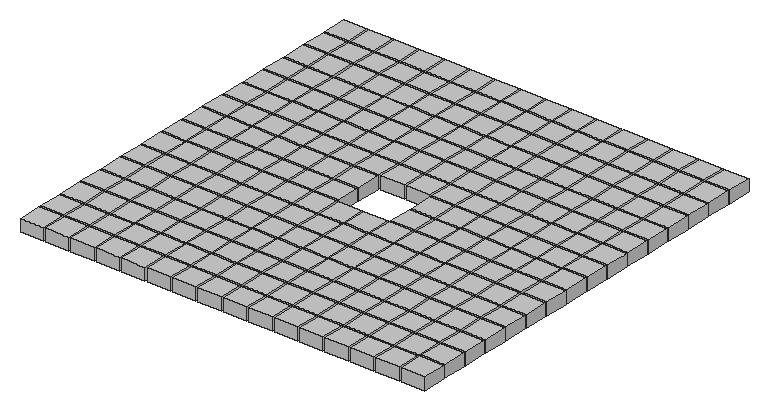
Revit family "Alcorque Ecológico", category Furniture, Revit 2020 (continued)
Forms (m)
  Extrusion 585, solid, material "ReBnew plástico", visible <- "A51", not visible
    sketch origin (2.85, -0.5, 0) x (1, 0, 0) y (0, 1, 0)
      loop
        line (-0.495, 0.495) -> (-0.495, 0.38) -> (-0.38, 0.38) -> (-0.38, 0.495) -> (-0.495, 0.495)
    from 0 to 0.06
  Extrusion 586, solid, material "ReBnew plástico", visible <- "A51", not visible
    sketch origin (2.975, -0.5, 0) x (1, 0, 0) y (0, 1, 0)
      loop
        line (-0.495, 0.495) -> (-0.495, 0.38) -> (-0.38, 0.38) -> (-0.38, 0.495) -> (-0.495, 0.495)
    from 0 to 0.06
  Extrusion 587, solid, material "ReBnew plástico", visible <- "A51", not visible
    sketch origin (2.6, -0.625, 0) x (1, 0, 0) y (0, 1, 0)
      loop
        line (-0.495, 0.495) -> (-0.495, 0.38) -> (-0.38, 0.38) -> (-0.38, 0.495) -> (-0.495, 0.495)
    from 0 to 0.06
  Extrusion 588, solid, material "ReBnew plástico", visible <- "A51", not visible
    sketch origin (2.725, -0.625, 0) x (1, 0, 0) y (0, 1, 0)
      loop
        line (-0.495, 0.495) -> (-0.495, 0.38) -> (-0.38, 0.38) -> (-0.38, 0.495) -> (-0.495, 0.495)
    from 0 to 0.06
  Extrusion 589, solid, material "ReBnew plástico", visible <- "A51", not visible
    sketch origin (2.85, -0.625, 0) x (1, 0, 0) y (0, 1, 0)
      loop
        line (-0.495, 0.495) -> (-0.495, 0.38) -> (-0.38, 0.38) -> (-0.38, 0.495) -> (-0.495, 0.495)
    from 0 to 0.06
  Extrusion 590, solid, material "ReBnew plástico", visible <- "A51", not visible
    sketch origin (2.975, -0.625, 0) x (1, 0, 0) y (0, 1, 0)
      loop
        line (-0.495, 0.495) -> (-0.495, 0.38) -> (-0.38, 0.38) -> (-0.38, 0.495) -> (-0.495, 0.495)
    from 0 to 0.06
  Extrusion 591, solid, material "ReBnew plástico", visible <- "A51", not visible
    sketch origin (2.6, -0.75, 0) x (1, 0, 0) y (0, 1, 0)
      loop
        line (-0.495, 0.495) -> (-0.495, 0.38) -> (-0.38, 0.38) -> (-0.38, 0.495) -> (-0.495, 0.495)
    from 0 to 0.06
  Extrusion 592, solid, material "ReBnew plástico", visible <- "A51", not visible
    sketch origin (2.725, -0.75, 0) x (1, 0, 0) y (0, 1, 0)
      loop
        line (-0.495, 0.495) -> (-0.495, 0.38) -> (-0.38, 0.38) -> (-0.38, 0.495) -> (-0.495, 0.495)
    from 0 to 0.06
  Extrusion 593, solid, material "ReBnew plástico", visible <- "A51", not visible
    sketch origin (2.85, -0.75, 0) x (1, 0, 0) y (0, 1, 0)
      loop
        line (-0.495, 0.495) -> (-0.495, 0.38) -> (-0.38, 0.38) -> (-0.38, 0.495) -> (-0.495, 0.495)
    from 0 to 0.06
  Extrusion 594, solid, material "ReBnew plástico", visible <- "A51", not visible
    sketch origin (2.975, -0.75, 0) x (1, 0, 0) y (0, 1, 0)
      loop
        line (-0.495, 0.495) -> (-0.495, 0.38) -> (-0.38, 0.38) -> (-0.38, 0.495) -> (-0.495, 0.495)
    from 0 to 0.06
  Extrusion 595, solid, material "ReBnew plástico", visible <- "A51", not visible
    sketch origin (2.6, -0.875, 0) x (1, 0, 0) y (0, 1, 0)
      loop
        line (-0.495, 0.495) -> (-0.495, 0.38) -> (-0.38, 0.38) -> (-0.38, 0.495) -> (-0.495, 0.495)
    from 0 to 0.06
  Extrusion 596, solid, material "ReBnew plástico", visible <- "A51", not visible
    sketch origin (2.725, -0.875, 0) x (1, 0, 0) y (0, 1, 0)
      loop
        line (-0.495, 0.495) -> (-0.495, 0.38) -> (-0.38, 0.38) -> (-0.38, 0.495) -> (-0.495, 0.495)
    from 0 to 0.06
  Extrusion 597, solid, material "ReBnew plástico", visible <- "A51", not visible
    sketch origin (2.85, -0.875, 0) x (1, 0, 0) y (0, 1, 0)
      loop
        line (-0.495, 0.495) -> (-0.495, 0.38) -> (-0.38, 0.38) -> (-0.38, 0.495) -> (-0.495, 0.495)
    from 0 to 0.06
  Extrusion 598, solid, material "ReBnew plástico", visible <- "A51", not visible
    sketch origin (2.975, -0.875, 0) x (1, 0, 0) y (0, 1, 0)
      loop
        line (-0.495, 0.495) -> (-0.495, 0.38) -> (-0.38, 0.38) -> (-0.38, 0.495) -> (-0.495, 0.495)
    from 0 to 0.06
  Extrusion 599, solid, material "ReBnew plástico", visible <- "A51", not visible
    sketch origin (1.975, -0.375, 0) x (1, 0, 0) y (0, 1, 0)
      loop
        line (-0.495, 0.495) -> (-0.495, 0.38) -> (-0.38, 0.38) -> (-0.38, 0.495) -> (-0.495, 0.495)
    from 0 to 0.06
  Extrusion 600, solid, material "ReBnew plástico", visible <- "A51", not visible
    sketch origin (2.1, -0.375, 0) x (1, 0, 0) y (0, 1, 0)
      loop
        line (-0.495, 0.495) -> (-0.495, 0.38) -> (-0.38, 0.38) -> (-0.38, 0.495) -> (-0.495, 0.495)
    from 0 to 0.06
  Extrusion 601, solid, material "ReBnew plástico", visible <- "A51", not visible
    sketch origin (1.975, -0.5, 0) x (1, 0, 0) y (0, 1, 0)
      loop
        line (-0.495, 0.495) -> (-0.495, 0.38) -> (-0.38, 0.38) -> (-0.38, 0.495) -> (-0.495, 0.495)
    from 0 to 0.06
  Extrusion 602, solid, material "ReBnew plástico", visible <- "A51", not visible
    sketch origin (2.1, -0.5, 0) x (1, 0, 0) y (0, 1, 0)
      loop
        line (-0.495, 0.495) -> (-0.495, 0.38) -> (-0.38, 0.38) -> (-0.38, 0.495) -> (-0.495, 0.495)
    from 0 to 0.06
  Extrusion 603, solid, material "ReBnew plástico", visible <- "A51", not visible
    sketch origin (2.6, -0.375, 0) x (1, 0, 0) y (0, 1, 0)
      loop
        line (-0.495, 0.495) -> (-0.495, 0.38) -> (-0.38, 0.38) -> (-0.38, 0.495) -> (-0.495, 0.495)
    from 0 to 0.06
  Extrusion 604, solid, material "ReBnew plástico", visible <- "A51", not visible
    sketch origin (2.6, -0.5, 0) x (1, 0, 0) y (0, 1, 0)
      loop
        line (-0.495, 0.495) -> (-0.495, 0.38) -> (-0.38, 0.38) -> (-0.38, 0.495) -> (-0.495, 0.495)
    from 0 to 0.06
  Extrusion 605, solid, material "ReBnew plástico", visible <- "A51", not visible
    sketch origin (1.6, -1, 0) x (1, 0, 0) y (0, 1, 0)
      loop
        line (-0.495, 0.495) -> (-0.495, 0.38) -> (-0.38, 0.38) -> (-0.38, 0.495) -> (-0.495, 0.495)
    from 0 to 0.06
  Extrusion 606, solid, material "ReBnew plástico", visible <- "A51", not visible
    sketch origin (1.725, -1, 0) x (1, 0, 0) y (0, 1, 0)
      loop
        line (-0.495, 0.495) -> (-0.495, 0.38) -> (-0.38, 0.38) -> (-0.38, 0.495) -> (-0.495, 0.495)
    from 0 to 0.06
  Extrusion 607, solid, material "ReBnew plástico", visible <- "A51", not visible
    sketch origin (1.85, -1, 0) x (1, 0, 0) y (0, 1, 0)
      loop
        line (-0.495, 0.495) -> (-0.495, 0.38) -> (-0.38, 0.38) -> (-0.38, 0.495) -> (-0.495, 0.495)
    from 0 to 0.06
  Extrusion 608, solid, material "ReBnew plástico", visible <- "A51", not visible
    sketch origin (2.225, -1, 0) x (1, 0, 0) y (0, 1, 0)
      loop
        line (-0.495, 0.495) -> (-0.495, 0.38) -> (-0.38, 0.38) -> (-0.38, 0.495) -> (-0.495, 0.495)
    from 0 to 0.06
  Extrusion 609, solid, material "ReBnew plástico", visible <- "A51", not visible
    sketch origin (2.35, -1, 0) x (1, 0, 0) y (0, 1, 0)
      loop
        line (-0.495, 0.495) -> (-0.495, 0.38) -> (-0.38, 0.38) -> (-0.38, 0.495) -> (-0.495, 0.495)
    from 0 to 0.06
  Extrusion 610, solid, material "ReBnew plástico", visible <- "A51", not visible
    sketch origin (2.475, -1, 0) x (1, 0, 0) y (0, 1, 0)
      loop
        line (-0.495, 0.495) -> (-0.495, 0.38) -> (-0.38, 0.38) -> (-0.38, 0.495) -> (-0.495, 0.495)
    from 0 to 0.06
  Extrusion 611, solid, material "ReBnew plástico", visible <- "A51", not visible
    sketch origin (1.6, -1.125, 0) x (1, 0, 0) y (0, 1, 0)
      loop
        line (-0.495, 0.495) -> (-0.495, 0.38) -> (-0.38, 0.38) -> (-0.38, 0.495) -> (-0.495, 0.495)
    from 0 to 0.06
  Extrusion 612, solid, material "ReBnew plástico", visible <- "A51", not visible
    sketch origin (1.725, -1.125, 0) x (1, 0, 0) y (0, 1, 0)
      loop
        line (-0.495, 0.495) -> (-0.495, 0.38) -> (-0.38, 0.38) -> (-0.38, 0.495) -> (-0.495, 0.495)
    from 0 to 0.06
  Extrusion 613, solid, material "ReBnew plástico", visible <- "A51", not visible
    sketch origin (1.85, -1.125, 0) x (1, 0, 0) y (0, 1, 0)
      loop
        line (-0.495, 0.495) -> (-0.495, 0.38) -> (-0.38, 0.38) -> (-0.38, 0.495) -> (-0.495, 0.495)
    from 0 to 0.06
  Extrusion 614, solid, material "ReBnew plástico", visible <- "A51", not visible
    sketch origin (1.975, -1.125, 0) x (1, 0, 0) y (0, 1, 0)
      loop
        line (-0.495, 0.495) -> (-0.495, 0.38) -> (-0.38, 0.38) -> (-0.38, 0.495) -> (-0.495, 0.495)
    from 0 to 0.06
  Extrusion 615, solid, material "ReBnew plástico", visible <- "A51", not visible
    sketch origin (2.1, -1.125, 0) x (1, 0, 0) y (0, 1, 0)
      loop
        line (-0.495, 0.495) -> (-0.495, 0.38) -> (-0.38, 0.38) -> (-0.38, 0.495) -> (-0.495, 0.495)
    from 0 to 0.06
  Extrusion 616, solid, material "ReBnew plástico", visible <- "A51", not visible
    sketch origin (2.225, -1.125, 0) x (1, 0, 0) y (0, 1, 0)
      loop
        line (-0.495, 0.495) -> (-0.495, 0.38) -> (-0.38, 0.38) -> (-0.38, 0.495) -> (-0.495, 0.495)
    from 0 to 0.06
  Extrusion 617, solid, material "ReBnew plástico", visible <- "A51", not visible
    sketch origin (2.35, -1.125, 0) x (1, 0, 0) y (0, 1, 0)
      loop
        line (-0.495, 0.495) -> (-0.495, 0.38) -> (-0.38, 0.38) -> (-0.38, 0.495) -> (-0.495, 0.495)
    from 0 to 0.06
  Extrusion 618, solid, material "ReBnew plástico", visible <- "A51", not visible
    sketch origin (2.475, -1.125, 0) x (1, 0, 0) y (0, 1, 0)
      loop
        line (-0.495, 0.495) -> (-0.495, 0.38) -> (-0.38, 0.38) -> (-0.38, 0.495) -> (-0.495, 0.495)
    from 0 to 0.06
  Extrusion 619, solid, material "ReBnew plástico", visible <- "A51", not visible
    sketch origin (1.6, -1.25, 0) x (1, 0, 0) y (0, 1, 0)
      loop
        line (-0.495, 0.495) -> (-0.495, 0.38) -> (-0.38, 0.38) -> (-0.38, 0.495) -> (-0.495, 0.495)
    from 0 to 0.06
  Extrusion 620, solid, material "ReBnew plástico", visible <- "A51", not visible
    sketch origin (1.725, -1.25, 0) x (1, 0, 0) y (0, 1, 0)
      loop
        line (-0.495, 0.495) -> (-0.495, 0.38) -> (-0.38, 0.38) -> (-0.38, 0.495) -> (-0.495, 0.495)
    from 0 to 0.06
  Extrusion 621, solid, material "ReBnew plástico", visible <- "A51", not visible
    sketch origin (1.85, -1.25, 0) x (1, 0, 0) y (0, 1, 0)
      loop
        line (-0.495, 0.495) -> (-0.495, 0.38) -> (-0.38, 0.38) -> (-0.38, 0.495) -> (-0.495, 0.495)
    from 0 to 0.06
  Extrusion 622, solid, material "ReBnew plástico", visible <- "A51", not visible
    sketch origin (1.975, -1.25, 0) x (1, 0, 0) y (0, 1, 0)
      loop
        line (-0.495, 0.495) -> (-0.495, 0.38) -> (-0.38, 0.38) -> (-0.38, 0.495) -> (-0.495, 0.495)
    from 0 to 0.06
  Extrusion 623, solid, material "ReBnew plástico", visible <- "A51", not visible
    sketch origin (2.1, -1.25, 0) x (1, 0, 0) y (0, 1, 0)
      loop
        line (-0.495, 0.495) -> (-0.495, 0.38) -> (-0.38, 0.38) -> (-0.38, 0.495) -> (-0.495, 0.495)
    from 0 to 0.06
  Extrusion 624, solid, material "ReBnew plástico", visible <- "A51", not visible
    sketch origin (2.225, -1.25, 0) x (1, 0, 0) y (0, 1, 0)
      loop
        line (-0.495, 0.495) -> (-0.495, 0.38) -> (-0.38, 0.38) -> (-0.38, 0.495) -> (-0.495, 0.495)
    from 0 to 0.06
  Extrusion 625, solid, material "ReBnew plástico", visible <- "A51", not visible
    sketch origin (2.35, -1.25, 0) x (1, 0, 0) y (0, 1, 0)
      loop
        line (-0.495, 0.495) -> (-0.495, 0.38) -> (-0.38, 0.38) -> (-0.38, 0.495) -> (-0.495, 0.495)
    from 0 to 0.06
  Extrusion 626, solid, material "ReBnew plástico", visible <- "A51", not visible
    sketch origin (2.475, -1.25, 0) x (1, 0, 0) y (0, 1, 0)
      loop
        line (-0.495, 0.495) -> (-0.495, 0.38) -> (-0.38, 0.38) -> (-0.38, 0.495) -> (-0.495, 0.495)
    from 0 to 0.06
  Extrusion 627, solid, material "ReBnew plástico", visible <- "A51", not visible
    sketch origin (1.6, -1.375, 0) x (1, 0, 0) y (0, 1, 0)
      loop
        line (-0.495, 0.495) -> (-0.495, 0.38) -> (-0.38, 0.38) -> (-0.38, 0.495) -> (-0.495, 0.495)
    from 0 to 0.06
  Extrusion 628, solid, material "ReBnew plástico", visible <- "A51", not visible
    sketch origin (1.725, -1.375, 0) x (1, 0, 0) y (0, 1, 0)
      loop
        line (-0.495, 0.495) -> (-0.495, 0.38) -> (-0.38, 0.38) -> (-0.38, 0.495) -> (-0.495, 0.495)
    from 0 to 0.06
  Extrusion 629, solid, material "ReBnew plástico", visible <- "A51", not visible
    sketch origin (1.85, -1.375, 0) x (1, 0, 0) y (0, 1, 0)
      loop
        line (-0.495, 0.495) -> (-0.495, 0.38) -> (-0.38, 0.38) -> (-0.38, 0.495) -> (-0.495, 0.495)
    from 0 to 0.06
  Extrusion 630, solid, material "ReBnew plástico", visible <- "A51", not visible
    sketch origin (1.975, -1.375, 0) x (1, 0, 0) y (0, 1, 0)
      loop
        line (-0.495, 0.495) -> (-0.495, 0.38) -> (-0.38, 0.38) -> (-0.38, 0.495) -> (-0.495, 0.495)
    from 0 to 0.06
  Extrusion 631, solid, material "ReBnew plástico", visible <- "A51", not visible
    sketch origin (2.1, -1.375, 0) x (1, 0, 0) y (0, 1, 0)
      loop
        line (-0.495, 0.495) -> (-0.495, 0.38) -> (-0.38, 0.38) -> (-0.38, 0.495) -> (-0.495, 0.495)
    from 0 to 0.06
  Extrusion 632, solid, material "ReBnew plástico", visible <- "A51", not visible
    sketch origin (2.225, -1.375, 0) x (1, 0, 0) y (0, 1, 0)
      loop
        line (-0.495, 0.495) -> (-0.495, 0.38) -> (-0.38, 0.38) -> (-0.38, 0.495) -> (-0.495, 0.495)
    from 0 to 0.06
  Extrusion 633, solid, material "ReBnew plástico", visible <- "A51", not visible
    sketch origin (2.35, -1.375, 0) x (1, 0, 0) y (0, 1, 0)
      loop
        line (-0.495, 0.495) -> (-0.495, 0.38) -> (-0.38, 0.38) -> (-0.38, 0.495) -> (-0.495, 0.495)
    from 0 to 0.06
  Extrusion 634, solid, material "ReBnew plástico", visible <- "A51", not visible
    sketch origin (2.475, -1.375, 0) x (1, 0, 0) y (0, 1, 0)
      loop
        line (-0.495, 0.495) -> (-0.495, 0.38) -> (-0.38, 0.38) -> (-0.38, 0.495) -> (-0.495, 0.495)
    from 0 to 0.06
  Extrusion 635, solid, material "ReBnew plástico", visible <- "A51", not visible
    sketch origin (2.725, -1, 0) x (1, 0, 0) y (0, 1, 0)
      loop
        line (-0.495, 0.495) -> (-0.495, 0.38) -> (-0.38, 0.38) -> (-0.38, 0.495) -> (-0.495, 0.495)
    from 0 to 0.06
  Extrusion 636, solid, material "ReBnew plástico", visible <- "A51", not visible
    sketch origin (2.85, -1, 0) x (1, 0, 0) y (0, 1, 0)
      loop
        line (-0.495, 0.495) -> (-0.495, 0.38) -> (-0.38, 0.38) -> (-0.38, 0.495) -> (-0.495, 0.495)
    from 0 to 0.06
  Extrusion 637, solid, material "ReBnew plástico", visible <- "A51", not visible
    sketch origin (2.975, -1, 0) x (1, 0, 0) y (0, 1, 0)
      loop
        line (-0.495, 0.495) -> (-0.495, 0.38) -> (-0.38, 0.38) -> (-0.38, 0.495) -> (-0.495, 0.495)
    from 0 to 0.06
  Extrusion 638, solid, material "ReBnew plástico", visible <- "A51", not visible
    sketch origin (2.6, -1.125, 0) x (1, 0, 0) y (0, 1, 0)
      loop
        line (-0.495, 0.495) -> (-0.495, 0.38) -> (-0.38, 0.38) -> (-0.38, 0.495) -> (-0.495, 0.495)
    from 0 to 0.06
  Extrusion 639, solid, material "ReBnew plástico", visible <- "A51", not visible
    sketch origin (2.725, -1.125, 0) x (1, 0, 0) y (0, 1, 0)
      loop
        line (-0.495, 0.495) -> (-0.495, 0.38) -> (-0.38, 0.38) -> (-0.38, 0.495) -> (-0.495, 0.495)
    from 0 to 0.06
  Extrusion 640, solid, material "ReBnew plástico", visible <- "A51", not visible
    sketch origin (2.85, -1.125, 0) x (1, 0, 0) y (0, 1, 0)
      loop
        line (-0.495, 0.495) -> (-0.495, 0.38) -> (-0.38, 0.38) -> (-0.38, 0.495) -> (-0.495, 0.495)
    from 0 to 0.06
  Extrusion 641, solid, material "ReBnew plástico", visible <- "A51", not visible
    sketch origin (2.975, -1.125, 0) x (1, 0, 0) y (0, 1, 0)
      loop
        line (-0.495, 0.495) -> (-0.495, 0.38) -> (-0.38, 0.38) -> (-0.38, 0.495) -> (-0.495, 0.495)
    from 0 to 0.06
  Extrusion 642, solid, material "ReBnew plástico", visible <- "A51", not visible
    sketch origin (2.6, -1.25, 0) x (1, 0, 0) y (0, 1, 0)
      loop
        line (-0.495, 0.495) -> (-0.495, 0.38) -> (-0.38, 0.38) -> (-0.38, 0.495) -> (-0.495, 0.495)
    from 0 to 0.06
  Extrusion 643, solid, material "ReBnew plástico", visible <- "A51", not visible
    sketch origin (2.725, -1.25, 0) x (1, 0, 0) y (0, 1, 0)
      loop
        line (-0.495, 0.495) -> (-0.495, 0.38) -> (-0.38, 0.38) -> (-0.38, 0.495) -> (-0.495, 0.495)
    from 0 to 0.06
  Extrusion 644, solid, material "ReBnew plástico", visible <- "A51", not visible
    sketch origin (2.85, -1.25, 0) x (1, 0, 0) y (0, 1, 0)
      loop
        line (-0.495, 0.495) -> (-0.495, 0.38) -> (-0.38, 0.38) -> (-0.38, 0.495) -> (-0.495, 0.495)
    from 0 to 0.06
  Extrusion 645, solid, material "ReBnew plástico", visible <- "A51", not visible
    sketch origin (2.975, -1.25, 0) x (1, 0, 0) y (0, 1, 0)
      loop
        line (-0.495, 0.495) -> (-0.495, 0.38) -> (-0.38, 0.38) -> (-0.38, 0.495) -> (-0.495, 0.495)
    from 0 to 0.06
  Extrusion 646, solid, material "ReBnew plástico", visible <- "A51", not visible
    sketch origin (2.6, -1.375, 0) x (1, 0, 0) y (0, 1, 0)
      loop
        line (-0.495, 0.495) -> (-0.495, 0.38) -> (-0.38, 0.38) -> (-0.38, 0.495) -> (-0.495, 0.495)
    from 0 to 0.06
  Extrusion 647, solid, material "ReBnew plástico", visible <- "A51", not visible
    sketch origin (2.725, -1.375, 0) x (1, 0, 0) y (0, 1, 0)
      loop
        line (-0.495, 0.495) -> (-0.495, 0.38) -> (-0.38, 0.38) -> (-0.38, 0.495) -> (-0.495, 0.495)
    from 0 to 0.06
  Extrusion 648, solid, material "ReBnew plástico", visible <- "A51", not visible
    sketch origin (2.85, -1.375, 0) x (1, 0, 0) y (0, 1, 0)
      loop
        line (-0.495, 0.495) -> (-0.495, 0.38) -> (-0.38, 0.38) -> (-0.38, 0.495) -> (-0.495, 0.495)
    from 0 to 0.06
  Extrusion 649, solid, material "ReBnew plástico", visible <- "A51", not visible
    sketch origin (2.975, -1.375, 0) x (1, 0, 0) y (0, 1, 0)
      loop
        line (-0.495, 0.495) -> (-0.495, 0.38) -> (-0.38, 0.38) -> (-0.38, 0.495) -> (-0.495, 0.495)
    from 0 to 0.06
  Extrusion 650, solid, material "ReBnew plástico", visible <- "A51", not visible
    sketch origin (1.975, -1, 0) x (1, 0, 0) y (0, 1, 0)
      loop
        line (-0.495, 0.495) -> (-0.495, 0.38) -> (-0.38, 0.38) -> (-0.38, 0.495) -> (-0.495, 0.495)
    from 0 to 0.06
  Extrusion 651, solid, material "ReBnew plástico", visible <- "A51", not visible
    sketch origin (2.1, -1, 0) x (1, 0, 0) y (0, 1, 0)
      loop
        line (-0.495, 0.495) -> (-0.495, 0.38) -> (-0.38, 0.38) -> (-0.38, 0.495) -> (-0.495, 0.495)
    from 0 to 0.06
  Extrusion 652, solid, material "ReBnew plástico", visible <- "A51", not visible
    sketch origin (2.6, -1, 0) x (1, 0, 0) y (0, 1, 0)
      loop
        line (-0.495, 0.495) -> (-0.495, 0.38) -> (-0.38, 0.38) -> (-0.38, 0.495) -> (-0.495, 0.495)
    from 0 to 0.06
  Extrusion 653, solid, material "ReBnew plástico", visible <- "A52", not visible
    sketch origin (3.44, 0, 0) x (1, 0, 0) y (0, 1, 0)
      loop
        line (-0.495, 0.495) -> (-0.495, 0.38) -> (-0.38, 0.38) -> (-0.38, 0.495) -> (-0.495, 0.495)
    from 0 to 0.06
  Extrusion 654, solid, material "ReBnew plástico", visible <- "A52", not visible
    sketch origin (3.565, 0, 0) x (1, 0, 0) y (0, 1, 0)
      loop
        line (-0.495, 0.495) -> (-0.495, 0.38) -> (-0.38, 0.38) -> (-0.38, 0.495) -> (-0.495, 0.495)
    from 0 to 0.06
  Extrusion 655, solid, material "ReBnew plástico", visible <- "A52", not visible
    sketch origin (3.69, 0, 0) x (1, 0, 0) y (0, 1, 0)
      loop
        line (-0.495, 0.495) -> (-0.495, 0.38) -> (-0.38, 0.38) -> (-0.38, 0.495) -> (-0.495, 0.495)
    from 0 to 0.06
  Extrusion 656, solid, material "ReBnew plástico", visible <- "A52", not visible
    sketch origin (3.815, 0, 0) x (1, 0, 0) y (0, 1, 0)
      loop
        line (-0.495, 0.495) -> (-0.495, 0.38) -> (-0.38, 0.38) -> (-0.38, 0.495) -> (-0.495, 0.495)
    from 0 to 0.06
  Extrusion 657, solid, material "ReBnew plástico", visible <- "A52", not visible
    sketch origin (3.94, 0, 0) x (1, 0, 0) y (0, 1, 0)
      loop
        line (-0.495, 0.495) -> (-0.495, 0.38) -> (-0.38, 0.38) -> (-0.38, 0.495) -> (-0.495, 0.495)
    from 0 to 0.06
  Extrusion 658, solid, material "ReBnew plástico", visible <- "A52", not visible
    sketch origin (4.065, 0, 0) x (1, 0, 0) y (0, 1, 0)
      loop
        line (-0.495, 0.495) -> (-0.495, 0.38) -> (-0.38, 0.38) -> (-0.38, 0.495) -> (-0.495, 0.495)
    from 0 to 0.06
  Extrusion 659, solid, material "ReBnew plástico", visible <- "A52", not visible
    sketch origin (4.19, 0, 0) x (1, 0, 0) y (0, 1, 0)
      loop
        line (-0.495, 0.495) -> (-0.495, 0.38) -> (-0.38, 0.38) -> (-0.38, 0.495) -> (-0.495, 0.495)
    from 0 to 0.06
  Extrusion 660, solid, material "ReBnew plástico", visible <- "A52", not visible
    sketch origin (4.315, 0, 0) x (1, 0, 0) y (0, 1, 0)
      loop
        line (-0.495, 0.495) -> (-0.495, 0.38) -> (-0.38, 0.38) -> (-0.38, 0.495) -> (-0.495, 0.495)
    from 0 to 0.06
  Extrusion 661, solid, material "ReBnew plástico", visible <- "A52", not visible
    sketch origin (3.44, -0.125, 0) x (1, 0, 0) y (0, 1, 0)
      loop
        line (-0.495, 0.495) -> (-0.495, 0.38) -> (-0.38, 0.38) -> (-0.38, 0.495) -> (-0.495, 0.495)
    from 0 to 0.06
  Extrusion 662, solid, material "ReBnew plástico", visible <- "A52", not visible
    sketch origin (3.565, -0.125, 0) x (1, 0, 0) y (0, 1, 0)
      loop
        line (-0.495, 0.495) -> (-0.495, 0.38) -> (-0.38, 0.38) -> (-0.38, 0.495) -> (-0.495, 0.495)
    from 0 to 0.06
  Extrusion 663, solid, material "ReBnew plástico", visible <- "A52", not visible
    sketch origin (3.69, -0.125, 0) x (1, 0, 0) y (0, 1, 0)
      loop
        line (-0.495, 0.495) -> (-0.495, 0.38) -> (-0.38, 0.38) -> (-0.38, 0.495) -> (-0.495, 0.495)
    from 0 to 0.06
  Extrusion 664, solid, material "ReBnew plástico", visible <- "A52", not visible
    sketch origin (3.815, -0.125, 0) x (1, 0, 0) y (0, 1, 0)
      loop
        line (-0.495, 0.495) -> (-0.495, 0.38) -> (-0.38, 0.38) -> (-0.38, 0.495) -> (-0.495, 0.495)
    from 0 to 0.06
  Extrusion 665, solid, material "ReBnew plástico", visible <- "A52", not visible
    sketch origin (3.94, -0.125, 0) x (1, 0, 0) y (0, 1, 0)
      loop
        line (-0.495, 0.495) -> (-0.495, 0.38) -> (-0.38, 0.38) -> (-0.38, 0.495) -> (-0.495, 0.495)
    from 0 to 0.06
  Extrusion 666, solid, material "ReBnew plástico", visible <- "A52", not visible
    sketch origin (4.065, -0.125, 0) x (1, 0, 0) y (0, 1, 0)
      loop
        line (-0.495, 0.495) -> (-0.495, 0.38) -> (-0.38, 0.38) -> (-0.38, 0.495) -> (-0.495, 0.495)
    from 0 to 0.06
  Extrusion 667, solid, material "ReBnew plástico", visible <- "A52", not visible
    sketch origin (4.19, -0.125, 0) x (1, 0, 0) y (0, 1, 0)
      loop
        line (-0.495, 0.495) -> (-0.495, 0.38) -> (-0.38, 0.38) -> (-0.38, 0.495) -> (-0.495, 0.495)
    from 0 to 0.06
  Extrusion 668, solid, material "ReBnew plástico", visible <- "A52", not visible
    sketch origin (4.315, -0.125, 0) x (1, 0, 0) y (0, 1, 0)
      loop
        line (-0.495, 0.495) -> (-0.495, 0.38) -> (-0.38, 0.38) -> (-0.38, 0.495) -> (-0.495, 0.495)
    from 0 to 0.06
  Extrusion 669, solid, material "ReBnew plástico", visible <- "A52", not visible
    sketch origin (3.44, -0.25, 0) x (1, 0, 0) y (0, 1, 0)
      loop
        line (-0.495, 0.495) -> (-0.495, 0.38) -> (-0.38, 0.38) -> (-0.38, 0.495) -> (-0.495, 0.495)
    from 0 to 0.06
  Extrusion 670, solid, material "ReBnew plástico", visible <- "A52", not visible
    sketch origin (3.565, -0.25, 0) x (1, 0, 0) y (0, 1, 0)
      loop
        line (-0.495, 0.495) -> (-0.495, 0.38) -> (-0.38, 0.38) -> (-0.38, 0.495) -> (-0.495, 0.495)
    from 0 to 0.06
  Extrusion 671, solid, material "ReBnew plástico", visible <- "A52", not visible
    sketch origin (3.69, -0.25, 0) x (1, 0, 0) y (0, 1, 0)
      loop
        line (-0.495, 0.495) -> (-0.495, 0.38) -> (-0.38, 0.38) -> (-0.38, 0.495) -> (-0.495, 0.495)
    from 0 to 0.06
  Extrusion 672, solid, material "ReBnew plástico", visible <- "A52", not visible
    sketch origin (3.815, -0.25, 0) x (1, 0, 0) y (0, 1, 0)
      loop
        line (-0.495, 0.495) -> (-0.495, 0.38) -> (-0.38, 0.38) -> (-0.38, 0.495) -> (-0.495, 0.495)
    from 0 to 0.06
  Extrusion 673, solid, material "ReBnew plástico", visible <- "A52", not visible
    sketch origin (3.94, -0.25, 0) x (1, 0, 0) y (0, 1, 0)
      loop
        line (-0.495, 0.495) -> (-0.495, 0.38) -> (-0.38, 0.38) -> (-0.38, 0.495) -> (-0.495, 0.495)
    from 0 to 0.06
  Extrusion 674, solid, material "ReBnew plástico", visible <- "A52", not visible
    sketch origin (4.065, -0.25, 0) x (1, 0, 0) y (0, 1, 0)
      loop
        line (-0.495, 0.495) -> (-0.495, 0.38) -> (-0.38, 0.38) -> (-0.38, 0.495) -> (-0.495, 0.495)
    from 0 to 0.06
  Extrusion 675, solid, material "ReBnew plástico", visible <- "A52", not visible
    sketch origin (4.19, -0.25, 0) x (1, 0, 0) y (0, 1, 0)
      loop
        line (-0.495, 0.495) -> (-0.495, 0.38) -> (-0.38, 0.38) -> (-0.38, 0.495) -> (-0.495, 0.495)
    from 0 to 0.06
  Extrusion 676, solid, material "ReBnew plástico", visible <- "A52", not visible
    sketch origin (4.315, -0.25, 0) x (1, 0, 0) y (0, 1, 0)
      loop
        line (-0.495, 0.495) -> (-0.495, 0.38) -> (-0.38, 0.38) -> (-0.38, 0.495) -> (-0.495, 0.495)
    from 0 to 0.06
  Extrusion 677, solid, material "ReBnew plástico", visible <- "A52", not visible
    sketch origin (3.44, -0.375, 0) x (1, 0, 0) y (0, 1, 0)
      loop
        line (-0.495, 0.495) -> (-0.495, 0.38) -> (-0.38, 0.38) -> (-0.38, 0.495) -> (-0.495, 0.495)
    from 0 to 0.06
  Extrusion 678, solid, material "ReBnew plástico", visible <- "A52", not visible
    sketch origin (3.565, -0.375, 0) x (1, 0, 0) y (0, 1, 0)
      loop
        line (-0.495, 0.495) -> (-0.495, 0.38) -> (-0.38, 0.38) -> (-0.38, 0.495) -> (-0.495, 0.495)
    from 0 to 0.06
  Extrusion 679, solid, material "ReBnew plástico", visible <- "A52", not visible
    sketch origin (3.69, -0.375, 0) x (1, 0, 0) y (0, 1, 0)
      loop
        line (-0.495, 0.495) -> (-0.495, 0.38) -> (-0.38, 0.38) -> (-0.38, 0.495) -> (-0.495, 0.495)
    from 0 to 0.06
  Extrusion 680, solid, material "ReBnew plástico", visible <- "A52", not visible
    sketch origin (4.065, -0.375, 0) x (1, 0, 0) y (0, 1, 0)
      loop
        line (-0.495, 0.495) -> (-0.495, 0.38) -> (-0.38, 0.38) -> (-0.38, 0.495) -> (-0.495, 0.495)
    from 0 to 0.06
  Extrusion 681, solid, material "ReBnew plástico", visible <- "A52", not visible
    sketch origin (4.19, -0.375, 0) x (1, 0, 0) y (0, 1, 0)
      loop
        line (-0.495, 0.495) -> (-0.495, 0.38) -> (-0.38, 0.38) -> (-0.38, 0.495) -> (-0.495, 0.495)
    from 0 to 0.06
  Extrusion 682, solid, material "ReBnew plástico", visible <- "A52", not visible
    sketch origin (4.315, -0.375, 0) x (1, 0, 0) y (0, 1, 0)
      loop
        line (-0.495, 0.495) -> (-0.495, 0.38) -> (-0.38, 0.38) -> (-0.38, 0.495) -> (-0.495, 0.495)
    from 0 to 0.06
  Extrusion 683, solid, material "ReBnew plástico", visible <- "A52", not visible
    sketch origin (3.44, -0.5, 0) x (1, 0, 0) y (0, 1, 0)
      loop
        line (-0.495, 0.495) -> (-0.495, 0.38) -> (-0.38, 0.38) -> (-0.38, 0.495) -> (-0.495, 0.495)
    from 0 to 0.06
  Extrusion 684, solid, material "ReBnew plástico", visible <- "A52", not visible
    sketch origin (3.565, -0.5, 0) x (1, 0, 0) y (0, 1, 0)
      loop
        line (-0.495, 0.495) -> (-0.495, 0.38) -> (-0.38, 0.38) -> (-0.38, 0.495) -> (-0.495, 0.495)
    from 0 to 0.06
  Extrusion 685, solid, material "ReBnew plástico", visible <- "A52", not visible
    sketch origin (3.69, -0.5, 0) x (1, 0, 0) y (0, 1, 0)
      loop
        line (-0.495, 0.495) -> (-0.495, 0.38) -> (-0.38, 0.38) -> (-0.38, 0.495) -> (-0.495, 0.495)
    from 0 to 0.06
  Extrusion 686, solid, material "ReBnew plástico", visible <- "A52", not visible
    sketch origin (4.065, -0.5, 0) x (1, 0, 0) y (0, 1, 0)
      loop
        line (-0.495, 0.495) -> (-0.495, 0.38) -> (-0.38, 0.38) -> (-0.38, 0.495) -> (-0.495, 0.495)
    from 0 to 0.06
  Extrusion 687, solid, material "ReBnew plástico", visible <- "A52", not visible
    sketch origin (4.19, -0.5, 0) x (1, 0, 0) y (0, 1, 0)
      loop
        line (-0.495, 0.495) -> (-0.495, 0.38) -> (-0.38, 0.38) -> (-0.38, 0.495) -> (-0.495, 0.495)
    from 0 to 0.06
  Extrusion 688, solid, material "ReBnew plástico", visible <- "A52", not visible
    sketch origin (4.315, -0.5, 0) x (1, 0, 0) y (0, 1, 0)
      loop
        line (-0.495, 0.495) -> (-0.495, 0.38) -> (-0.38, 0.38) -> (-0.38, 0.495) -> (-0.495, 0.495)
    from 0 to 0.06
  Extrusion 689, solid, material "ReBnew plástico", visible <- "A52", not visible
    sketch origin (3.44, -0.625, 0) x (1, 0, 0) y (0, 1, 0)
      loop
        line (-0.495, 0.495) -> (-0.495, 0.38) -> (-0.38, 0.38) -> (-0.38, 0.495) -> (-0.495, 0.495)
    from 0 to 0.06
  Extrusion 690, solid, material "ReBnew plástico", visible <- "A52", not visible
    sketch origin (3.565, -0.625, 0) x (1, 0, 0) y (0, 1, 0)
      loop
        line (-0.495, 0.495) -> (-0.495, 0.38) -> (-0.38, 0.38) -> (-0.38, 0.495) -> (-0.495, 0.495)
    from 0 to 0.06
  Extrusion 691, solid, material "ReBnew plástico", visible <- "A52", not visible
    sketch origin (3.69, -0.625, 0) x (1, 0, 0) y (0, 1, 0)
      loop
        line (-0.495, 0.495) -> (-0.495, 0.38) -> (-0.38, 0.38) -> (-0.38, 0.495) -> (-0.495, 0.495)
    from 0 to 0.06
  Extrusion 692, solid, material "ReBnew plástico", visible <- "A52", not visible
    sketch origin (3.815, -0.625, 0) x (1, 0, 0) y (0, 1, 0)
      loop
        line (-0.495, 0.495) -> (-0.495, 0.38) -> (-0.38, 0.38) -> (-0.38, 0.495) -> (-0.495, 0.495)
    from 0 to 0.06
  Extrusion 693, solid, material "ReBnew plástico", visible <- "A52", not visible
    sketch origin (3.94, -0.625, 0) x (1, 0, 0) y (0, 1, 0)
      loop
        line (-0.495, 0.495) -> (-0.495, 0.38) -> (-0.38, 0.38) -> (-0.38, 0.495) -> (-0.495, 0.495)
    from 0 to 0.06
  Extrusion 694, solid, material "ReBnew plástico", visible <- "A52", not visible
    sketch origin (4.315, -0.625, 0) x (1, 0, 0) y (0, 1, 0)
      loop
        line (-0.495, 0.495) -> (-0.495, 0.38) -> (-0.38, 0.38) -> (-0.38, 0.495) -> (-0.495, 0.495)
    from 0 to 0.06
  Extrusion 695, solid, material "ReBnew plástico", visible <- "A52", not visible
    sketch origin (3.44, -0.75, 0) x (1, 0, 0) y (0, 1, 0)
      loop
        line (-0.495, 0.495) -> (-0.495, 0.38) -> (-0.38, 0.38) -> (-0.38, 0.495) -> (-0.495, 0.495)
    from 0 to 0.06
  Extrusion 696, solid, material "ReBnew plástico", visible <- "A52", not visible
    sketch origin (3.565, -0.75, 0) x (1, 0, 0) y (0, 1, 0)
      loop
        line (-0.495, 0.495) -> (-0.495, 0.38) -> (-0.38, 0.38) -> (-0.38, 0.495) -> (-0.495, 0.495)
    from 0 to 0.06
  Extrusion 697, solid, material "ReBnew plástico", visible <- "A52", not visible
    sketch origin (3.69, -0.75, 0) x (1, 0, 0) y (0, 1, 0)
      loop
        line (-0.495, 0.495) -> (-0.495, 0.38) -> (-0.38, 0.38) -> (-0.38, 0.495) -> (-0.495, 0.495)
    from 0 to 0.06
  Extrusion 698, solid, material "ReBnew plástico", visible <- "A52", not visible
    sketch origin (3.815, -0.75, 0) x (1, 0, 0) y (0, 1, 0)
      loop
        line (-0.495, 0.495) -> (-0.495, 0.38) -> (-0.38, 0.38) -> (-0.38, 0.495) -> (-0.495, 0.495)
    from 0 to 0.06
  Extrusion 699, solid, material "ReBnew plástico", visible <- "A52", not visible
    sketch origin (3.94, -0.75, 0) x (1, 0, 0) y (0, 1, 0)
      loop
        line (-0.495, 0.495) -> (-0.495, 0.38) -> (-0.38, 0.38) -> (-0.38, 0.495) -> (-0.495, 0.495)
    from 0 to 0.06
  Extrusion 700, solid, material "ReBnew plástico", visible <- "A52", not visible
    sketch origin (4.315, -0.75, 0) x (1, 0, 0) y (0, 1, 0)
      loop
        line (-0.495, 0.495) -> (-0.495, 0.38) -> (-0.38, 0.38) -> (-0.38, 0.495) -> (-0.495, 0.495)
    from 0 to 0.06
  Extrusion 701, solid, material "ReBnew plástico", visible <- "A52", not visible
    sketch origin (3.44, -0.875, 0) x (1, 0, 0) y (0, 1, 0)
      loop
        line (-0.495, 0.495) -> (-0.495, 0.38) -> (-0.38, 0.38) -> (-0.38, 0.495) -> (-0.495, 0.495)
    from 0 to 0.06
  Extrusion 702, solid, material "ReBnew plástico", visible <- "A52", not visible
    sketch origin (3.565, -0.875, 0) x (1, 0, 0) y (0, 1, 0)
      loop
        line (-0.495, 0.495) -> (-0.495, 0.38) -> (-0.38, 0.38) -> (-0.38, 0.495) -> (-0.495, 0.495)
    from 0 to 0.06
  Extrusion 703, solid, material "ReBnew plástico", visible <- "A52", not visible
    sketch origin (3.69, -0.875, 0) x (1, 0, 0) y (0, 1, 0)
      loop
        line (-0.495, 0.495) -> (-0.495, 0.38) -> (-0.38, 0.38) -> (-0.38, 0.495) -> (-0.495, 0.495)
    from 0 to 0.06
  Extrusion 704, solid, material "ReBnew plástico", visible <- "A52", not visible
    sketch origin (3.815, -0.875, 0) x (1, 0, 0) y (0, 1, 0)
      loop
        line (-0.495, 0.495) -> (-0.495, 0.38) -> (-0.38, 0.38) -> (-0.38, 0.495) -> (-0.495, 0.495)
    from 0 to 0.06
  Extrusion 705, solid, material "ReBnew plástico", visible <- "A52", not visible
    sketch origin (3.94, -0.875, 0) x (1, 0, 0) y (0, 1, 0)
      loop
        line (-0.495, 0.495) -> (-0.495, 0.38) -> (-0.38, 0.38) -> (-0.38, 0.495) -> (-0.495, 0.495)
    from 0 to 0.06
  Extrusion 706, solid, material "ReBnew plástico", visible <- "A52", not visible
    sketch origin (4.065, -0.875, 0) x (1, 0, 0) y (0, 1, 0)
      loop
        line (-0.495, 0.495) -> (-0.495, 0.38) -> (-0.38, 0.38) -> (-0.38, 0.495) -> (-0.495, 0.495)
    from 0 to 0.06
  Extrusion 707, solid, material "ReBnew plástico", visible <- "A52", not visible
    sketch origin (4.19, -0.875, 0) x (1, 0, 0) y (0, 1, 0)
      loop
        line (-0.495, 0.495) -> (-0.495, 0.38) -> (-0.38, 0.38) -> (-0.38, 0.495) -> (-0.495, 0.495)
    from 0 to 0.06
  Extrusion 708, solid, material "ReBnew plástico", visible <- "A52", not visible
    sketch origin (4.44, 0, 0) x (1, 0, 0) y (0, 1, 0)
      loop
        line (-0.495, 0.495) -> (-0.495, 0.38) -> (-0.38, 0.38) -> (-0.38, 0.495) -> (-0.495, 0.495)
    from 0 to 0.06
  Extrusion 709, solid, material "ReBnew plástico", visible <- "A52", not visible
    sketch origin (4.565, 0, 0) x (1, 0, 0) y (0, 1, 0)
      loop
        line (-0.495, 0.495) -> (-0.495, 0.38) -> (-0.38, 0.38) -> (-0.38, 0.495) -> (-0.495, 0.495)
    from 0 to 0.06
  Extrusion 710, solid, material "ReBnew plástico", visible <- "A52", not visible
    sketch origin (4.69, 0, 0) x (1, 0, 0) y (0, 1, 0)
      loop
        line (-0.495, 0.495) -> (-0.495, 0.38) -> (-0.38, 0.38) -> (-0.38, 0.495) -> (-0.495, 0.495)
    from 0 to 0.06
  Extrusion 711, solid, material "ReBnew plástico", visible <- "A52", not visible
    sketch origin (4.815, 0, 0) x (1, 0, 0) y (0, 1, 0)
      loop
        line (-0.495, 0.495) -> (-0.495, 0.38) -> (-0.38, 0.38) -> (-0.38, 0.495) -> (-0.495, 0.495)
    from 0 to 0.06
  Extrusion 712, solid, material "ReBnew plástico", visible <- "A52", not visible
    sketch origin (4.44, -0.125, 0) x (1, 0, 0) y (0, 1, 0)
      loop
        line (-0.495, 0.495) -> (-0.495, 0.38) -> (-0.38, 0.38) -> (-0.38, 0.495) -> (-0.495, 0.495)
    from 0 to 0.06
  Extrusion 713, solid, material "ReBnew plástico", visible <- "A52", not visible
    sketch origin (4.565, -0.125, 0) x (1, 0, 0) y (0, 1, 0)
      loop
        line (-0.495, 0.495) -> (-0.495, 0.38) -> (-0.38, 0.38) -> (-0.38, 0.495) -> (-0.495, 0.495)
    from 0 to 0.06
  Extrusion 714, solid, material "ReBnew plástico", visible <- "A52", not visible
    sketch origin (4.69, -0.125, 0) x (1, 0, 0) y (0, 1, 0)
      loop
        line (-0.495, 0.495) -> (-0.495, 0.38) -> (-0.38, 0.38) -> (-0.38, 0.495) -> (-0.495, 0.495)
    from 0 to 0.06
  Extrusion 715, solid, material "ReBnew plástico", visible <- "A52", not visible
    sketch origin (4.815, -0.125, 0) x (1, 0, 0) y (0, 1, 0)
      loop
        line (-0.495, 0.495) -> (-0.495, 0.38) -> (-0.38, 0.38) -> (-0.38, 0.495) -> (-0.495, 0.495)
    from 0 to 0.06
  Extrusion 716, solid, material "ReBnew plástico", visible <- "A52", not visible
    sketch origin (4.44, -0.25, 0) x (1, 0, 0) y (0, 1, 0)
      loop
        line (-0.495, 0.495) -> (-0.495, 0.38) -> (-0.38, 0.38) -> (-0.38, 0.495) -> (-0.495, 0.495)
    from 0 to 0.06
  Extrusion 717, solid, material "ReBnew plástico", visible <- "A52", not visible
    sketch origin (4.565, -0.25, 0) x (1, 0, 0) y (0, 1, 0)
      loop
        line (-0.495, 0.495) -> (-0.495, 0.38) -> (-0.38, 0.38) -> (-0.38, 0.495) -> (-0.495, 0.495)
    from 0 to 0.06
  Extrusion 718, solid, material "ReBnew plástico", visible <- "A52", not visible
    sketch origin (4.69, -0.25, 0) x (1, 0, 0) y (0, 1, 0)
      loop
        line (-0.495, 0.495) -> (-0.495, 0.38) -> (-0.38, 0.38) -> (-0.38, 0.495) -> (-0.495, 0.495)
    from 0 to 0.06
  Extrusion 719, solid, material "ReBnew plástico", visible <- "A52", not visible
    sketch origin (4.815, -0.25, 0) x (1, 0, 0) y (0, 1, 0)
      loop
        line (-0.495, 0.495) -> (-0.495, 0.38) -> (-0.38, 0.38) -> (-0.38, 0.495) -> (-0.495, 0.495)
    from 0 to 0.06
  Extrusion 720, solid, material "ReBnew plástico", visible <- "A52", not visible
    sketch origin (4.565, -0.375, 0) x (1, 0, 0) y (0, 1, 0)
      loop
        line (-0.495, 0.495) -> (-0.495, 0.38) -> (-0.38, 0.38) -> (-0.38, 0.495) -> (-0.495, 0.495)
    from 0 to 0.06
  Extrusion 721, solid, material "ReBnew plástico", visible <- "A52", not visible
    sketch origin (4.69, -0.375, 0) x (1, 0, 0) y (0, 1, 0)
      loop
        line (-0.495, 0.495) -> (-0.495, 0.38) -> (-0.38, 0.38) -> (-0.38, 0.495) -> (-0.495, 0.495)
    from 0 to 0.06
  Extrusion 722, solid, material "ReBnew plástico", visible <- "A52", not visible
    sketch origin (4.815, -0.375, 0) x (1, 0, 0) y (0, 1, 0)
      loop
        line (-0.495, 0.495) -> (-0.495, 0.38) -> (-0.38, 0.38) -> (-0.38, 0.495) -> (-0.495, 0.495)
    from 0 to 0.06
  Extrusion 723, solid, material "ReBnew plástico", visible <- "A52", not visible
    sketch origin (4.565, -0.5, 0) x (1, 0, 0) y (0, 1, 0)
      loop
        line (-0.495, 0.495) -> (-0.495, 0.38) -> (-0.38, 0.38) -> (-0.38, 0.495) -> (-0.495, 0.495)
    from 0 to 0.06
  Extrusion 724, solid, material "ReBnew plástico", visible <- "A52", not visible
    sketch origin (4.69, -0.5, 0) x (1, 0, 0) y (0, 1, 0)
      loop
        line (-0.495, 0.495) -> (-0.495, 0.38) -> (-0.38, 0.38) -> (-0.38, 0.495) -> (-0.495, 0.495)
    from 0 to 0.06
  Extrusion 725, solid, material "ReBnew plástico", visible <- "A52", not visible
    sketch origin (4.815, -0.5, 0) x (1, 0, 0) y (0, 1, 0)
      loop
        line (-0.495, 0.495) -> (-0.495, 0.38) -> (-0.38, 0.38) -> (-0.38, 0.495) -> (-0.495, 0.495)
    from 0 to 0.06
  Extrusion 726, solid, material "ReBnew plástico", visible <- "A52", not visible
    sketch origin (4.44, -0.625, 0) x (1, 0, 0) y (0, 1, 0)
      loop
        line (-0.495, 0.495) -> (-0.495, 0.38) -> (-0.38, 0.38) -> (-0.38, 0.495) -> (-0.495, 0.495)
    from 0 to 0.06
  Extrusion 727, solid, material "ReBnew plástico", visible <- "A52", not visible
    sketch origin (4.565, -0.625, 0) x (1, 0, 0) y (0, 1, 0)
      loop
        line (-0.495, 0.495) -> (-0.495, 0.38) -> (-0.38, 0.38) -> (-0.38, 0.495) -> (-0.495, 0.495)
    from 0 to 0.06
  Extrusion 728, solid, material "ReBnew plástico", visible <- "A52", not visible
    sketch origin (4.69, -0.625, 0) x (1, 0, 0) y (0, 1, 0)
      loop
        line (-0.495, 0.495) -> (-0.495, 0.38) -> (-0.38, 0.38) -> (-0.38, 0.495) -> (-0.495, 0.495)
    from 0 to 0.06
  Extrusion 729, solid, material "ReBnew plástico", visible <- "A52", not visible
    sketch origin (4.815, -0.625, 0) x (1, 0, 0) y (0, 1, 0)
      loop
        line (-0.495, 0.495) -> (-0.495, 0.38) -> (-0.38, 0.38) -> (-0.38, 0.495) -> (-0.495, 0.495)
    from 0 to 0.06
  Extrusion 730, solid, material "ReBnew plástico", visible <- "A52", not visible
    sketch origin (4.44, -0.75, 0) x (1, 0, 0) y (0, 1, 0)
      loop
        line (-0.495, 0.495) -> (-0.495, 0.38) -> (-0.38, 0.38) -> (-0.38, 0.495) -> (-0.495, 0.495)
    from 0 to 0.06
  Extrusion 731, solid, material "ReBnew plástico", visible <- "A52", not visible
    sketch origin (4.565, -0.75, 0) x (1, 0, 0) y (0, 1, 0)
      loop
        line (-0.495, 0.495) -> (-0.495, 0.38) -> (-0.38, 0.38) -> (-0.38, 0.495) -> (-0.495, 0.495)
    from 0 to 0.06
  Extrusion 732, solid, material "ReBnew plástico", visible <- "A52", not visible
    sketch origin (4.69, -0.75, 0) x (1, 0, 0) y (0, 1, 0)
      loop
        line (-0.495, 0.495) -> (-0.495, 0.38) -> (-0.38, 0.38) -> (-0.38, 0.495) -> (-0.495, 0.495)
    from 0 to 0.06
  Extrusion 733, solid, material "ReBnew plástico", visible <- "A52", not visible
    sketch origin (4.815, -0.75, 0) x (1, 0, 0) y (0, 1, 0)
      loop
        line (-0.495, 0.495) -> (-0.495, 0.38) -> (-0.38, 0.38) -> (-0.38, 0.495) -> (-0.495, 0.495)
    from 0 to 0.06
  Extrusion 734, solid, material "ReBnew plástico", visible <- "A52", not visible
    sketch origin (4.565, -0.875, 0) x (1, 0, 0) y (0, 1, 0)
      loop
        line (-0.495, 0.495) -> (-0.495, 0.38) -> (-0.38, 0.38) -> (-0.38, 0.495) -> (-0.495, 0.495)
    from 0 to 0.06
  Extrusion 735, solid, material "ReBnew plástico", visible <- "A52", not visible
    sketch origin (4.69, -0.875, 0) x (1, 0, 0) y (0, 1, 0)
      loop
        line (-0.495, 0.495) -> (-0.495, 0.38) -> (-0.38, 0.38) -> (-0.38, 0.495) -> (-0.495, 0.495)
    from 0 to 0.06
  Extrusion 736, solid, material "ReBnew plástico", visible <- "A52", not visible
    sketch origin (4.815, -0.875, 0) x (1, 0, 0) y (0, 1, 0)
      loop
        line (-0.495, 0.495) -> (-0.495, 0.38) -> (-0.38, 0.38) -> (-0.38, 0.495) -> (-0.495, 0.495)
    from 0 to 0.06
  Extrusion 737, solid, material "ReBnew plástico", visible <- "A52", not visible
    sketch origin (3.815, -0.375, 0) x (1, 0, 0) y (0, 1, 0)
      loop
        line (-0.495, 0.495) -> (-0.495, 0.38) -> (-0.38, 0.38) -> (-0.38, 0.495) -> (-0.495, 0.495)
    from 0 to 0.06
  Extrusion 738, solid, material "ReBnew plástico", visible <- "A52", not visible
    sketch origin (3.94, -0.375, 0) x (1, 0, 0) y (0, 1, 0)
      loop
        line (-0.495, 0.495) -> (-0.495, 0.38) -> (-0.38, 0.38) -> (-0.38, 0.495) -> (-0.495, 0.495)
    from 0 to 0.06
  Extrusion 739, solid, material "ReBnew plástico", visible <- "A52", not visible
    sketch origin (3.815, -0.5, 0) x (1, 0, 0) y (0, 1, 0)
      loop
        line (-0.495, 0.495) -> (-0.495, 0.38) -> (-0.38, 0.38) -> (-0.38, 0.495) -> (-0.495, 0.495)
    from 0 to 0.06
  Extrusion 740, solid, material "ReBnew plástico", visible <- "A52", not visible
    sketch origin (3.94, -0.5, 0) x (1, 0, 0) y (0, 1, 0)
      loop
        line (-0.495, 0.495) -> (-0.495, 0.38) -> (-0.38, 0.38) -> (-0.38, 0.495) -> (-0.495, 0.495)
    from 0 to 0.06
  Extrusion 741, solid, material "ReBnew plástico", visible <- "A52", not visible
    sketch origin (4.44, -0.375, 0) x (1, 0, 0) y (0, 1, 0)
      loop
        line (-0.495, 0.495) -> (-0.495, 0.38) -> (-0.38, 0.38) -> (-0.38, 0.495) -> (-0.495, 0.495)
    from 0 to 0.06
  Extrusion 742, solid, material "ReBnew plástico", visible <- "A52", not visible
    sketch origin (4.44, -0.5, 0) x (1, 0, 0) y (0, 1, 0)
      loop
        line (-0.495, 0.495) -> (-0.495, 0.38) -> (-0.38, 0.38) -> (-0.38, 0.495) -> (-0.495, 0.495)
    from 0 to 0.06
  Extrusion 743, solid, material "ReBnew plástico", visible <- "A52", not visible
    sketch origin (3.44, -1, 0) x (1, 0, 0) y (0, 1, 0)
      loop
        line (-0.495, 0.495) -> (-0.495, 0.38) -> (-0.38, 0.38) -> (-0.38, 0.495) -> (-0.495, 0.495)
    from 0 to 0.06
  Extrusion 744, solid, material "ReBnew plástico", visible <- "A52", not visible
    sketch origin (3.565, -1, 0) x (1, 0, 0) y (0, 1, 0)
      loop
        line (-0.495, 0.495) -> (-0.495, 0.38) -> (-0.38, 0.38) -> (-0.38, 0.495) -> (-0.495, 0.495)
    from 0 to 0.06
  Extrusion 745, solid, material "ReBnew plástico", visible <- "A52", not visible
    sketch origin (3.69, -1, 0) x (1, 0, 0) y (0, 1, 0)
      loop
        line (-0.495, 0.495) -> (-0.495, 0.38) -> (-0.38, 0.38) -> (-0.38, 0.495) -> (-0.495, 0.495)
    from 0 to 0.06
  Extrusion 746, solid, material "ReBnew plástico", visible <- "A52", not visible
    sketch origin (4.065, -1, 0) x (1, 0, 0) y (0, 1, 0)
      loop
        line (-0.495, 0.495) -> (-0.495, 0.38) -> (-0.38, 0.38) -> (-0.38, 0.495) -> (-0.495, 0.495)
    from 0 to 0.06
  Extrusion 747, solid, material "ReBnew plástico", visible <- "A52", not visible
    sketch origin (4.19, -1, 0) x (1, 0, 0) y (0, 1, 0)
      loop
        line (-0.495, 0.495) -> (-0.495, 0.38) -> (-0.38, 0.38) -> (-0.38, 0.495) -> (-0.495, 0.495)
    from 0 to 0.06
  Extrusion 748, solid, material "ReBnew plástico", visible <- "A52", not visible
    sketch origin (3.44, -1.125, 0) x (1, 0, 0) y (0, 1, 0)
      loop
        line (-0.495, 0.495) -> (-0.495, 0.38) -> (-0.38, 0.38) -> (-0.38, 0.495) -> (-0.495, 0.495)
    from 0 to 0.06
  Extrusion 749, solid, material "ReBnew plástico", visible <- "A52", not visible
    sketch origin (3.565, -1.125, 0) x (1, 0, 0) y (0, 1, 0)
      loop
        line (-0.495, 0.495) -> (-0.495, 0.38) -> (-0.38, 0.38) -> (-0.38, 0.495) -> (-0.495, 0.495)
    from 0 to 0.06
  Extrusion 750, solid, material "ReBnew plástico", visible <- "A52", not visible
    sketch origin (3.69, -1.125, 0) x (1, 0, 0) y (0, 1, 0)
      loop
        line (-0.495, 0.495) -> (-0.495, 0.38) -> (-0.38, 0.38) -> (-0.38, 0.495) -> (-0.495, 0.495)
    from 0 to 0.06
  Extrusion 751, solid, material "ReBnew plástico", visible <- "A52", not visible
    sketch origin (3.815, -1.125, 0) x (1, 0, 0) y (0, 1, 0)
      loop
        line (-0.495, 0.495) -> (-0.495, 0.38) -> (-0.38, 0.38) -> (-0.38, 0.495) -> (-0.495, 0.495)
    from 0 to 0.06
  Extrusion 752, solid, material "ReBnew plástico", visible <- "A52", not visible
    sketch origin (3.94, -1.125, 0) x (1, 0, 0) y (0, 1, 0)
      loop
        line (-0.495, 0.495) -> (-0.495, 0.38) -> (-0.38, 0.38) -> (-0.38, 0.495) -> (-0.495, 0.495)
    from 0 to 0.06
  Extrusion 753, solid, material "ReBnew plástico", visible <- "A52", not visible
    sketch origin (4.065, -1.125, 0) x (1, 0, 0) y (0, 1, 0)
      loop
        line (-0.495, 0.495) -> (-0.495, 0.38) -> (-0.38, 0.38) -> (-0.38, 0.495) -> (-0.495, 0.495)
    from 0 to 0.06
  Extrusion 754, solid, material "ReBnew plástico", visible <- "A52", not visible
    sketch origin (4.19, -1.125, 0) x (1, 0, 0) y (0, 1, 0)
      loop
        line (-0.495, 0.495) -> (-0.495, 0.38) -> (-0.38, 0.38) -> (-0.38, 0.495) -> (-0.495, 0.495)
    from 0 to 0.06
  Extrusion 755, solid, material "ReBnew plástico", visible <- "A52", not visible
    sketch origin (4.315, -1.125, 0) x (1, 0, 0) y (0, 1, 0)
      loop
        line (-0.495, 0.495) -> (-0.495, 0.38) -> (-0.38, 0.38) -> (-0.38, 0.495) -> (-0.495, 0.495)
    from 0 to 0.06
  Extrusion 756, solid, material "ReBnew plástico", visible <- "A52", not visible
    sketch origin (3.44, -1.25, 0) x (1, 0, 0) y (0, 1, 0)
      loop
        line (-0.495, 0.495) -> (-0.495, 0.38) -> (-0.38, 0.38) -> (-0.38, 0.495) -> (-0.495, 0.495)
    from 0 to 0.06
  Extrusion 757, solid, material "ReBnew plástico", visible <- "A52", not visible
    sketch origin (3.565, -1.25, 0) x (1, 0, 0) y (0, 1, 0)
      loop
        line (-0.495, 0.495) -> (-0.495, 0.38) -> (-0.38, 0.38) -> (-0.38, 0.495) -> (-0.495, 0.495)
    from 0 to 0.06
  Extrusion 758, solid, material "ReBnew plástico", visible <- "A52", not visible
    sketch origin (3.69, -1.25, 0) x (1, 0, 0) y (0, 1, 0)
      loop
        line (-0.495, 0.495) -> (-0.495, 0.38) -> (-0.38, 0.38) -> (-0.38, 0.495) -> (-0.495, 0.495)
    from 0 to 0.06
  Extrusion 759, solid, material "ReBnew plástico", visible <- "A52", not visible
    sketch origin (3.815, -1.25, 0) x (1, 0, 0) y (0, 1, 0)
      loop
        line (-0.495, 0.495) -> (-0.495, 0.38) -> (-0.38, 0.38) -> (-0.38, 0.495) -> (-0.495, 0.495)
    from 0 to 0.06
  Extrusion 760, solid, material "ReBnew plástico", visible <- "A52", not visible
    sketch origin (3.94, -1.25, 0) x (1, 0, 0) y (0, 1, 0)
      loop
        line (-0.495, 0.495) -> (-0.495, 0.38) -> (-0.38, 0.38) -> (-0.38, 0.495) -> (-0.495, 0.495)
    from 0 to 0.06
  Extrusion 761, solid, material "ReBnew plástico", visible <- "A52", not visible
    sketch origin (4.065, -1.25, 0) x (1, 0, 0) y (0, 1, 0)
      loop
        line (-0.495, 0.495) -> (-0.495, 0.38) -> (-0.38, 0.38) -> (-0.38, 0.495) -> (-0.495, 0.495)
    from 0 to 0.06
  Extrusion 762, solid, material "ReBnew plástico", visible <- "A52", not visible
    sketch origin (4.19, -1.25, 0) x (1, 0, 0) y (0, 1, 0)
      loop
        line (-0.495, 0.495) -> (-0.495, 0.38) -> (-0.38, 0.38) -> (-0.38, 0.495) -> (-0.495, 0.495)
    from 0 to 0.06
  Extrusion 763, solid, material "ReBnew plástico", visible <- "A52", not visible
    sketch origin (4.315, -1.25, 0) x (1, 0, 0) y (0, 1, 0)
      loop
        line (-0.495, 0.495) -> (-0.495, 0.38) -> (-0.38, 0.38) -> (-0.38, 0.495) -> (-0.495, 0.495)
    from 0 to 0.06
  Extrusion 764, solid, material "ReBnew plástico", visible <- "A52", not visible
    sketch origin (3.44, -1.375, 0) x (1, 0, 0) y (0, 1, 0)
      loop
        line (-0.495, 0.495) -> (-0.495, 0.38) -> (-0.38, 0.38) -> (-0.38, 0.495) -> (-0.495, 0.495)
    from 0 to 0.06
  Extrusion 765, solid, material "ReBnew plástico", visible <- "A52", not visible
    sketch origin (3.565, -1.375, 0) x (1, 0, 0) y (0, 1, 0)
      loop
        line (-0.495, 0.495) -> (-0.495, 0.38) -> (-0.38, 0.38) -> (-0.38, 0.495) -> (-0.495, 0.495)
    from 0 to 0.06
  Extrusion 766, solid, material "ReBnew plástico", visible <- "A52", not visible
    sketch origin (3.69, -1.375, 0) x (1, 0, 0) y (0, 1, 0)
      loop
        line (-0.495, 0.495) -> (-0.495, 0.38) -> (-0.38, 0.38) -> (-0.38, 0.495) -> (-0.495, 0.495)
    from 0 to 0.06
  Extrusion 767, solid, material "ReBnew plástico", visible <- "A52", not visible
    sketch origin (3.815, -1.375, 0) x (1, 0, 0) y (0, 1, 0)
      loop
        line (-0.495, 0.495) -> (-0.495, 0.38) -> (-0.38, 0.38) -> (-0.38, 0.495) -> (-0.495, 0.495)
    from 0 to 0.06
  Extrusion 768, solid, material "ReBnew plástico", visible <- "A52", not visible
    sketch origin (3.94, -1.375, 0) x (1, 0, 0) y (0, 1, 0)
      loop
        line (-0.495, 0.495) -> (-0.495, 0.38) -> (-0.38, 0.38) -> (-0.38, 0.495) -> (-0.495, 0.495)
    from 0 to 0.06
  Extrusion 769, solid, material "ReBnew plástico", visible <- "A52", not visible
    sketch origin (4.065, -1.375, 0) x (1, 0, 0) y (0, 1, 0)
      loop
        line (-0.495, 0.495) -> (-0.495, 0.38) -> (-0.38, 0.38) -> (-0.38, 0.495) -> (-0.495, 0.495)
    from 0 to 0.06
  Extrusion 770, solid, material "ReBnew plástico", visible <- "A52", not visible
    sketch origin (4.19, -1.375, 0) x (1, 0, 0) y (0, 1, 0)
      loop
        line (-0.495, 0.495) -> (-0.495, 0.38) -> (-0.38, 0.38) -> (-0.38, 0.495) -> (-0.495, 0.495)
    from 0 to 0.06
  Extrusion 771, solid, material "ReBnew plástico", visible <- "A52", not visible
    sketch origin (4.315, -1.375, 0) x (1, 0, 0) y (0, 1, 0)
      loop
        line (-0.495, 0.495) -> (-0.495, 0.38) -> (-0.38, 0.38) -> (-0.38, 0.495) -> (-0.495, 0.495)
    from 0 to 0.06
  Extrusion 772, solid, material "ReBnew plástico", visible <- "A52", not visible
    sketch origin (4.565, -1, 0) x (1, 0, 0) y (0, 1, 0)
      loop
        line (-0.495, 0.495) -> (-0.495, 0.38) -> (-0.38, 0.38) -> (-0.38, 0.495) -> (-0.495, 0.495)
    from 0 to 0.06
  Extrusion 773, solid, material "ReBnew plástico", visible <- "A52", not visible
    sketch origin (4.69, -1, 0) x (1, 0, 0) y (0, 1, 0)
      loop
        line (-0.495, 0.495) -> (-0.495, 0.38) -> (-0.38, 0.38) -> (-0.38, 0.495) -> (-0.495, 0.495)
    from 0 to 0.06
  Extrusion 774, solid, material "ReBnew plástico", visible <- "A52", not visible
    sketch origin (4.815, -1, 0) x (1, 0, 0) y (0, 1, 0)
      loop
        line (-0.495, 0.495) -> (-0.495, 0.38) -> (-0.38, 0.38) -> (-0.38, 0.495) -> (-0.495, 0.495)
    from 0 to 0.06
  Extrusion 775, solid, material "ReBnew plástico", visible <- "A52", not visible
    sketch origin (4.44, -1.125, 0) x (1, 0, 0) y (0, 1, 0)
      loop
        line (-0.495, 0.495) -> (-0.495, 0.38) -> (-0.38, 0.38) -> (-0.38, 0.495) -> (-0.495, 0.495)
    from 0 to 0.06
  Extrusion 776, solid, material "ReBnew plástico", visible <- "A52", not visible
    sketch origin (4.565, -1.125, 0) x (1, 0, 0) y (0, 1, 0)
      loop
        line (-0.495, 0.495) -> (-0.495, 0.38) -> (-0.38, 0.38) -> (-0.38, 0.495) -> (-0.495, 0.495)
    from 0 to 0.06
  Extrusion 777, solid, material "ReBnew plástico", visible <- "A52", not visible
    sketch origin (4.69, -1.125, 0) x (1, 0, 0) y (0, 1, 0)
      loop
        line (-0.495, 0.495) -> (-0.495, 0.38) -> (-0.38, 0.38) -> (-0.38, 0.495) -> (-0.495, 0.495)
    from 0 to 0.06
  Extrusion 778, solid, material "ReBnew plástico", visible <- "A52", not visible
    sketch origin (4.815, -1.125, 0) x (1, 0, 0) y (0, 1, 0)
      loop
        line (-0.495, 0.495) -> (-0.495, 0.38) -> (-0.38, 0.38) -> (-0.38, 0.495) -> (-0.495, 0.495)
    from 0 to 0.06
  Extrusion 779, solid, material "ReBnew plástico", visible <- "A52", not visible
    sketch origin (4.44, -1.25, 0) x (1, 0, 0) y (0, 1, 0)
      loop
        line (-0.495, 0.495) -> (-0.495, 0.38) -> (-0.38, 0.38) -> (-0.38, 0.495) -> (-0.495, 0.495)
    from 0 to 0.06
  Extrusion 780, solid, material "ReBnew plástico", visible <- "A52", not visible
    sketch origin (4.565, -1.25, 0) x (1, 0, 0) y (0, 1, 0)
      loop
        line (-0.495, 0.495) -> (-0.495, 0.38) -> (-0.38, 0.38) -> (-0.38, 0.495) -> (-0.495, 0.495)
    from 0 to 0.06
  Extrusion 781, solid, material "ReBnew plástico", visible <- "A52", not visible
    sketch origin (4.69, -1.25, 0) x (1, 0, 0) y (0, 1, 0)
      loop
        line (-0.495, 0.495) -> (-0.495, 0.38) -> (-0.38, 0.38) -> (-0.38, 0.495) -> (-0.495, 0.495)
    from 0 to 0.06
  Extrusion 782, solid, material "ReBnew plástico", visible <- "A52", not visible
    sketch origin (4.815, -1.25, 0) x (1, 0, 0) y (0, 1, 0)
      loop
        line (-0.495, 0.495) -> (-0.495, 0.38) -> (-0.38, 0.38) -> (-0.38, 0.495) -> (-0.495, 0.495)
    from 0 to 0.06
  Extrusion 783, solid, material "ReBnew plástico", visible <- "A52", not visible
    sketch origin (4.44, -1.375, 0) x (1, 0, 0) y (0, 1, 0)
      loop
        line (-0.495, 0.495) -> (-0.495, 0.38) -> (-0.38, 0.38) -> (-0.38, 0.495) -> (-0.495, 0.495)
    from 0 to 0.06
